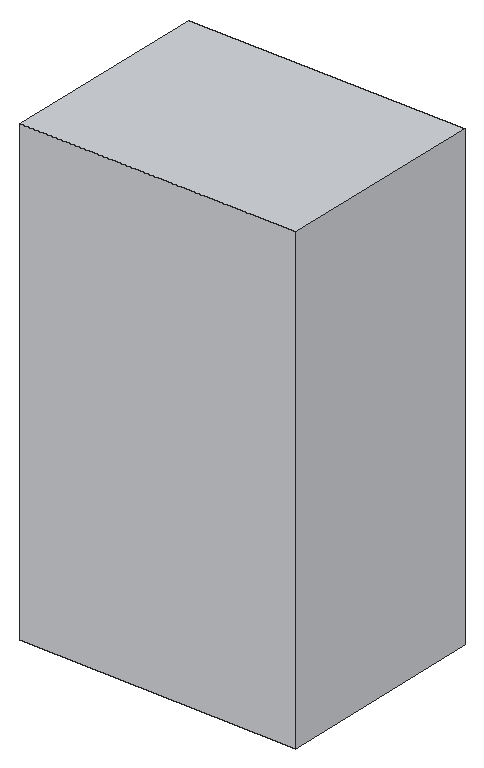
Revit family
Parameters
  Warranty Duration (Years) = 0
  Unit Width [instance] = 1' - 2"
  Unit Height [instance] = 0' - 11 3/4"
  Unit Depth = 0' - 0 1/4"
  URL = "http://www.americanspecialties.com/viewCategories.cfm"
  Trim Material = Metal - Stainless Steel
  Test Data = ""
  Specification = "http://www.arcat.com/sdspecs/htm/10810asi.htm"
  SpecWizard = ""
  Send Message = "http://www.arcat.com/users.pl?action=UserEmail&company=American%20Specialties,%20Inc.&coid=30448&rep=139&fax=914-476-0688&mf="
  Sales Information = "http://www.americanspecialties.com/contact"
  Revision = "R1_10-2010"
  RWO Width [instance] = 1' - 0 1/2"
  RWO Heigth [instance] = 0' - 10 1/4"
  RWO [instance] = 0' - 2 31/32"
  Product Properties = "http://www.americanspecialties.com/datasheets/0004.pdf"
  Product Data = "http://www.arcat.com/arcatcos/cos30/arc30448.html"
  Model = "As Specified in 10 28 13"
  Manufacturer Website = "http://www.americanspecialties.com/viewCategories.cfm"
  Manufacturer Phone - Toll Free = ""
  Manufacturer Phone = "914-476-9000 "
  Manufacturer Fax = "914-476-0688"
  Manufacturer Address = "441 Saw Mill River Rd., Yonkers, NY 10701"
  Manufacturer = "American Specialties, Inc."
  Maintenance Schedule (Months) = 0
  Keynote = "10 28 13"
  Installation-Fabrication = "http://www.americanspecialties.com/products.cfm"
  Green Building-LEED = ""
  Expected Lifespan (Years) = 0
  Drawn By = "Robert S. Weygant. CSI, CDT, SCIP"  # constant formula
  Description = "Toilet Accessory as Specified in 10 28 13"
  Default Elevation = 4' - 0"
  Copyright = "©Arcat Inc."
  Construction Details = "http://www.arcat.com/green/clients/leed_data_30448.html"
  Building Codes = "http://www.americanspecialties.com/products.cfm"
  Body Material = Metal - Stainless Steel
  Assembly Code = "C1030210"
Reference planes (in)
  plane 1 "Center (Front/Back)": y = 0.14638
  plane 2 "Floor Line": z = 0
  plane 3 "Center (Left/Right)": x = -0.95803
  plane 4 "Front": z = 0.25
  plane 5 "Back": z = -2.96875
  plane 6 "Left": x = -7.95803
  plane 7: x = -7.20803
  plane 8 "Right": x = 6.04197
  plane 9 "Top": y = 6.02138
  plane 10 "Bottom": y = -5.72862
  plane 11: x = 5.29197
  plane 12: y = 5.27138
  plane 13: y = -4.97862
  plane 14: x = -7.33303
  plane 15: x = 5.41697
Forms (in)
  Extrusion 1, solid
    sketch origin (-3, -9, -6) x (0, 0, -1) y (1, 0, 0)
      loop
        line (-82, 26) -> (-82, -19.34712) -> (-6, -19.34712) -> (-6, 26) -> (-82, 26)
    from 9 to -25.60721
  Extrusion 2, solid, material "Metal - Stainless Steel" <- "Trim Material"
    sketch origin (0, 0, 0) x (1, 0, 0) y (0, 1, 0)
      loop
        line (-7.95803, 6.02138) -> (-7.95803, -5.72862) -> (6.04197, -5.72862) -> (6.04197, 6.02138) -> (-7.95803, 6.02138)
      loop
        line (-7.20803, -4.97862) -> (5.29197, -4.97862) -> (5.29197, 5.27138) -> (-7.20803, 5.27138) -> (-7.20803, -4.97862)
    from 0 to 0.25
  Extrusion 3, solid, material "Metal - Stainless Steel" <- "Body Material"
    sketch origin (-0.95803, 0, 0) x (0, 1, 0) y (0, 0, 1)
      loop
        line (5.36862, 0) -> (-4.97862, 0) -> (-4.97862, -2.96875) -> (4.58388, -2.96875) -> (4.58388, -0.65847) -> (5.36862, 0)
    from -6.375 to 6.375
  Extrusion 4, void
    sketch origin (-0.95803, 0, 0) x (0, 1, 0) y (0, 0, 1)
      loop
        line (5.27487, 0) -> (-4.91612, 0) -> (-4.91612, -2.90625) -> (4.33388, -2.90625) -> (4.33388, -0.78958) -> (5.27487, 0)
    from -6.25 to 6.25
  Extrusion 5, solid, material "Metal - Stainless Steel" <- "Body Material"
    sketch origin (0, 0, 0) x (1, 0, 0) y (0, 1, 0)
      loop
        line (-7.20803, -4.97862) -> (5.29197, -4.97862) -> (5.29197, 0.27138) -> (-7.20803, 0.27138) -> (-7.20803, -4.97862)
    from 0 to 0.25
  Extrusion 6, solid, material "Metal - Stainless Steel" <- "Trim Material"
    sketch origin (0, 0.31053, 0) x (1, 0, 0) y (0, 1, 0)
      loop
        circle (-0.95803, -0.90653) r 0.5
      loop
        circle (-0.95803, -0.90653) r 0.4375
    from 0.25 to 0.3125
  Extrusion 7, solid, material "Metal - Stainless Steel" <- "Trim Material"
    sketch origin (0, 0.31053, 0) x (1, 0, 0) y (0, 1, 0)
      loop
        line (-0.89553, -0.47351) -> (-0.89553, -1.33954)
        arc (-0.89553, -1.33954) -> (-0.52053, -0.90653) -> (-0.89553, -0.47351) r 0.4375
      loop
        arc (-1.02053, -0.47351) -> (-1.39553, -0.90653) -> (-1.02053, -1.33954) r 0.4375
        line (-1.02053, -1.33954) -> (-1.02053, -0.47351)
    from 0.25 to 0.3125
  Extrusion 8, solid, material "Metal - Stainless Steel" <- "Body Material"
    sketch origin (-0.95803, 0, 0) x (0, 1, 0) y (0, 0, 1)
      loop
        line (-0.10362, 0) -> (-4.91612, 0) -> (-4.91612, -2.90625) -> (-0.13098, -2.90625) -> (-0.23861, -2.50455) -> (-0.48009, -2.56925) -> (-0.86832, -1.12036) -> (-0.67719, -1.06915) -> (-0.10362, -0.25) -> (-0.10362, 0)
    from -6.25 to 6.25
  Extrusion 9, solid, material "Metal - Stainless Steel" <- "Trim Material"
    sketch origin (-3.95803, -0.86832, -1.12036) x (0, 0.258819, -0.965926) y (-1, 0, 0)
      loop
        circle (0.67561, 0) r 0.25
    from 0 to 1.5
Cuts and joins
  Extrusion 4 cuts Extrusion 2
  Extrusion 4 cuts Extrusion 3
Dimensions and locks (in)
  "Unit Depth": plane 4 "Front" to plane 2 "Floor Line"
  "Unit Height": plane 9 "Top" to plane 10 "Bottom"
  equal spacing: plane 9 "Top", plane 1 "Center (Front/Back)", plane 10 "Bottom"
  equal spacing: plane 6 "Left", plane 3 "Center (Left/Right)", plane 8 "Right"
  "Unit Width": plane 6 "Left" to plane 8 "Right"
  equal spacing: plane 7, plane 3 "Center (Left/Right)", plane 11
  "RWO Width": plane 7 to plane 11
  equal spacing: plane 12, plane 1 "Center (Front/Back)", plane 13
  "RWO Heigth": plane 12 to plane 13
  locked: Extrusion 4 sketch curve to plane 13 at 0.0625
  locked: Extrusion 4 sketch curve to plane 5 "Back" at 0.0625
  locked: plane 14 to plane 7 at 0.125
  locked: plane 11 to plane 15 at 0.125
  "RWO": plane 2 "Floor Line" to plane 5 "Back"
  locked: plane 1 "Center (Front/Back)" to Extrusion 5 sketch curve at 0.125
  aligned and locked: Extrusion 1 to level
  aligned and locked: plane 6 "Left" to Extrusion 2 sketch curve
  aligned and locked: Extrusion 2 sketch curve to plane 9 "Top"
  aligned and locked: plane 10 "Bottom" to Extrusion 2 sketch curve
  aligned and locked: plane 8 "Right" to Extrusion 2 sketch curve
  aligned and locked: plane 4 "Front" to Extrusion 2
  aligned and locked: plane 7 to Extrusion 2 sketch curve
  aligned and locked: plane 11 to Extrusion 2 sketch curve
  aligned and locked: Extrusion 2 sketch curve to plane 13
  aligned and locked: Extrusion 4 sketch curve to level
  aligned and locked: Extrusion 3 to plane 14
  aligned and locked: Extrusion 3 to plane 15
  aligned and locked: Extrusion 4 to plane 7
  aligned and locked: Extrusion 4 to Extrusion 2
  aligned and locked: plane 12 to Extrusion 2 sketch curve
  aligned and locked: Extrusion 5 sketch curve to plane 7
  aligned and locked: plane 11 to Extrusion 5 sketch curve
  aligned and locked: plane 13 to Extrusion 5 sketch curve
  aligned and locked: plane 4 "Front" to Extrusion 5
  aligned and locked: Extrusion 6 to plane 4 "Front"
  aligned and locked: Extrusion 7 to plane 4 "Front"
  aligned and locked: plane 2 "Floor Line" to Extrusion 8 sketch curve
  aligned and locked: Extrusion 8 sketch curve to cut or joined group of Extrusion 3, Extrusion 4  (x2)
  aligned and locked: Extrusion 8 to cut or joined group of Extrusion 2, Extrusion 4  (x2)
Automatic sketch dimensions
  Extrusion 1 sketch curve to Extrusion 1 sketch curve = 6' - 4"
  Extrusion 1 sketch curve to Extrusion 1 sketch curve = 3' - 9.34712"
  Extrusion 3 sketch curve to plane 13 = 0' - 0"
  Extrusion 3 sketch curve to plane 5 "Back" = 0' - 0"
  Extrusion 3 sketch curve to level = 0' - 0"
  plane 12 to Extrusion 3 sketch curve = 0' - 0.09723"
  Extrusion 3 sketch curve to plane 12 = 0' - 0 11/16"
  Extrusion 3 sketch curve to level = 0' - 0.65847"
  Extrusion 4 sketch curve to plane 12 = 0' - 0 15/16"
  plane 12 to Extrusion 4 sketch curve = 0' - 0.00348"
  Extrusion 4 sketch curve to level = 0' - 0.78958"
  Extrusion 6 sketch curve to plane 3 "Center (Left/Right)" = 0' - 0"
  plane 1 "Center (Front/Back)" to Extrusion 6 sketch curve = 0' - 0.74238"
  Extrusion 6 sketch curve to Extrusion 6 sketch curve = 0' - 0"  (x2)
  Extrusion 7 sketch curve to Extrusion 7 sketch curve = 0' - 0"  (x3)
  Extrusion 7 sketch curve to plane 3 "Center (Left/Right)" = 0' - 0"
  Extrusion 7 sketch curve to plane 3 "Center (Left/Right)" = 0' - 0 1/16"
  plane 3 "Center (Left/Right)" to Extrusion 7 sketch curve = 0' - 0 1/16"
  plane 1 "Center (Front/Back)" to Extrusion 7 sketch curve = 0' - 1.1754"
  Extrusion 7 sketch curve to Extrusion 7 sketch curve = 0' - 0.43301"
  plane 1 "Center (Front/Back)" to Extrusion 8 sketch curve = 0' - 1.0147"
  Extrusion 8 sketch curve to Extrusion 8 sketch curve = 0' - 0.19113"
  plane 1 "Center (Front/Back)" to Extrusion 8 sketch curve = 0' - 0.62648"
  Extrusion 8 sketch curve to Extrusion 8 sketch curve = 0' - 0.24148"
  plane 1 "Center (Front/Back)" to Extrusion 8 sketch curve = 0' - 0 71/256"
  plane 1 "Center (Front/Back)" to Extrusion 8 sketch curve = 0' - 0 1/4"
  Extrusion 8 sketch curve to Extrusion 8 sketch curve = 0' - 0.337"
  Extrusion 8 sketch curve to level = 0' - 0 1/4"
  Extrusion 9 sketch curve to Extrusion 8 = 0' - 0.67561"
  Extrusion 8 to Extrusion 9 sketch curve = 0' - 9 1/4"
  radius of Extrusion 6 sketch curve = 0' - 0 1/2"
  radius of Extrusion 6 sketch curve = 0' - 0 7/16"
  radius of Extrusion 9 sketch curve = 0' - 0 1/4"
